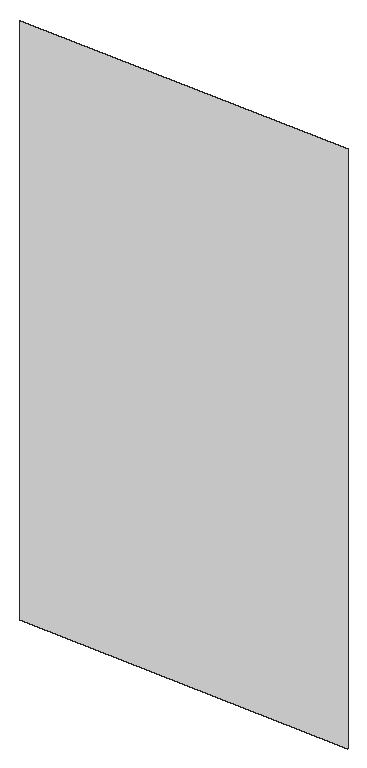
Revit family "M_Tomada-Duplex", category Iluminação elétrica, Revit 2019
Family settings
  Hospedeiro = Parede
  Manter orientação da anotação = Não
  Cota do conector redondo = Utilizar diâmetro
  Tipo de parte = Normal
  Número OmniClass = 23.80.50.11.11
  Título OmniClass = Receptacle Terminal Units
  ID de item do Seek = Outlet-Duplex-0000-CAN-ENU
  Sempre na vertical = Sim
  Corte com vazios quando carregada = Não
  Compartilhado = Não
  Ponto de cálculo do ambiente = Não
Parameters (values of type "Único")
  Largura = 70 mm
  Altura de montagem = 305 mm
  Altura = 115 mm
  Material = Plástico, Branco Opaco
Reference planes
  plane 1: y = 0
  plane 2 "Centro (Esquerda/Direita)": x = 125
  plane 3 "Parte posterior": y = 75
  plane 4: z = 305
  plane 5: x = 90
  plane 6: x = 160
  plane 7: z = 362.5
  plane 8: z = 247.5
  plane 9: y = 80
Forms (mm)
  Blend 1, solid, material "Plástico, Branco Opaco" <- "Material"
    base sketch origin (0, 75, 0) x (1, 0, 0) y (0, 0, 1)
      loop
        line (160, 362.5) -> (90, 362.5) -> (90, 247.5) -> (160, 247.5) -> (160, 362.5)
    top sketch origin (0, 75, 0) x (1, 0, 0) y (0, 0, 1)
      loop
        line (155, 357.5) -> (95, 357.5) -> (95, 252.5) -> (155, 252.5) -> (155, 357.5)
    from 0 to -5
Text (mm)
  text "Lado da colocação" at (0, 1270.507, 3001.832), in view "Esquerda"
  text "Lado da colocação" at (0, 530.812, 2999.686), in view "Direita"
Dimensions and locks
  locked: plane 3 "Parte posterior" to host wall
  "Altura": plane 8 to plane 7
  "Largura": plane 5 to plane 6
  equal spacing: plane 8, plane 4, plane 7
  equal spacing: plane 5, plane 2 "Centro (Esquerda/Direita)", plane 6
  "Altura de montagem": level to plane 4
  locked: plane 3 "Parte posterior" to plane 9 at 5
  aligned and locked: plane 1 to host wall
  aligned and locked: plane 6 to Blend 1 sketch curve
  aligned and locked: Blend 1 sketch curve to plane 7
  aligned and locked: plane 8 to Blend 1 sketch curve
  aligned and locked: plane 5 to Blend 1 sketch curve
  aligned and locked: plane 3 "Parte posterior" to nested 1
  aligned and locked: Blend 1 to plane 9
  aligned and locked: plane 3 "Parte posterior" to Blend 1
Automatic sketch dimensions
  Blend 1 sketch curve to plane 5 = 5 mm
  plane 6 to Blend 1 sketch curve = 5 mm
  Blend 1 sketch curve to plane 8 = 5 mm
  plane 7 to Blend 1 sketch curve = 5 mm
Nested families
  nested 1: "Anotação da tomada" at (125, 75, 0), type "Anotação da tomada"
Definition of nested family "Anotação da tomada"
  Reference planes
    plane 1: y = 0
    plane 2: x = 0
  Lines and regions (mm)
    detail lines
      curve 1: arc (-1.218, 2.706, 0) -> (1.219, 4.039, 0) -> (-1.218, 2.706, 0) r 1.389
      curve 2: line (-0.461, 0.398, 0) -> (-0.461, 4.684, 0)
      curve 3: line (0.461, 0.398, 0) -> (0.461, 4.684, 0)
